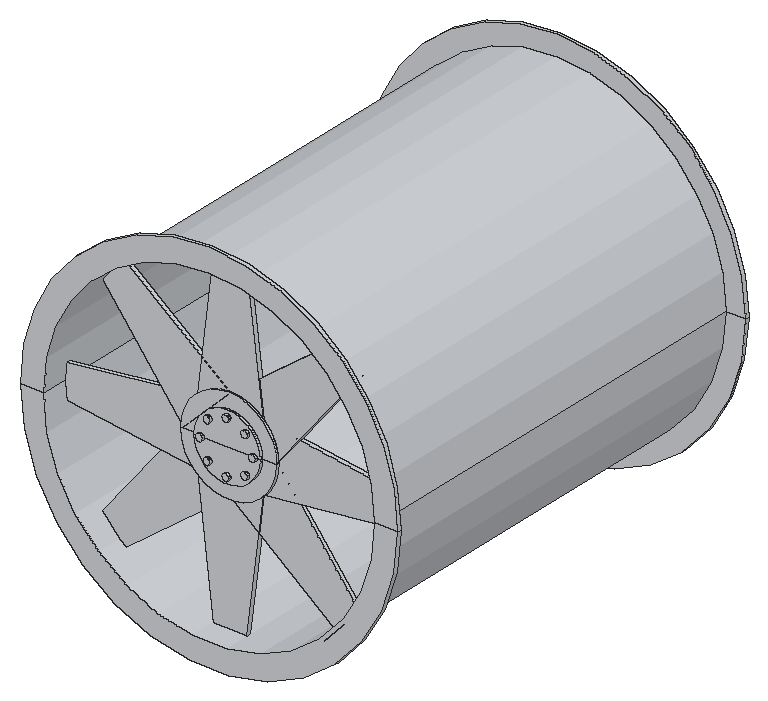
Revit family "CADS_Vent-Axia_MechEquip_Fan_BIFA_500_3Ph4P - EXTRACT", category Mechanical Equipment, Revit 2020
Family settings
  Round Connector Dimension = Use Diameter
  Part Type = Normal
  OmniClass Number = 23.75.00.00
  OmniClass Title = Climate Control (HVAC)
  Work Plane-Based = No
  Always vertical = Yes
  Cut with Voids When Loaded = No
  Shared = No
  Room Calculation Point = No
Parameters (values of type "BIFA503440")
  WorkingPressure = 0.0 Pa
  WarrantyStartDate [instance] = "1900-12-31T23:59:59"
  WarrantyPeriod = ""
  WarrantyIdentifier = "N/A"
  WarrantyGuarantorParts = "tech@vent-axia.com"
  WarrantyGuarantorLabor = "tech@vent-axia.com"
  WarrantyGuarantor = "Vent-Axia Limited"
  WarrantyEndDate [instance] = "1900-12-31T23:59:59"
  WarrantyContent = ""
  TemperatureRange = ""
  TagNumber [instance] = "N/A"
  SustainabilityPerformance = ""
  Status = "New"
  Size = ""
  Shape = ""
  ServiceLifeType = ""
  ServiceLifeDuration = ""
  SerialNumber [instance] = "N/A"
  ReplacementCost = ""
  RatedVoltage = 0 V
  RatedCurrent = 0 A
  Quantity = 1
  ProductionYear = ""
  PressureCurve = ""
  PowerFactor = ""
  PointOfContact = ""
  NumberOfPoles = 0
  NominalWidth = 500 mm
  NominalLength = 660 mm
  NominalHeight = 500 mm
  NominalFrequencyRange = ""
  NominalDiameter = 500 mm
  ModelReference = "BIF 500MM 3PH 4P 40DEG"
  ModelNumber = "BIFA503440"
  Material = ""
  ManufacturerE-Mail = "tech@vent-axia.com"
  ManufacturerAddress = "Fleming Way\nCrawley \nRH10 9YX"
  IsExtendedWarranty = no
  InsulationStandardClass = ""
  InstallationDate [instance] = "1900-12-31T23:59:59"
  IfcExportType [instance] = ""
  IfcExportAs = "IfcFanType"
  IP_Code = ""
  HasProtectiveEarth = no
  GrossWeight = 0.00 kg
  Grade = ""
  GlobalTradeItemNumber [instance] = "N/A"
  Fitting Type = "Ignore"
  Finish = ""
  Features = ""
  ExteriorInsulation = no
  ExpectedServiceLife = 0
  Exclusions = ""
  DurationUnit = "Year"
  Default Elevation = 0 mm
  Constituents = ""
  ConductorFunction = ""
  Color = ""
  CodePerformance = ""
  Category = ""
  CADS_Usage = 0
  CADS_Index = 0
  AssetType = "FIXED"
  AssetIdentifier [instance] = "N/A"
  AssemblyPlace = "UNKNOWN"
  ArticleNumber [instance] = "N/A"
  AirflowRateRange = 0.0 L/s
  Air Flow [instance] = 0.0 L/s
  AccessibilityPerformance = ""
Types (16, lengths in mm): name | ModelReference | ModelNumber
  BIFA503410 | "BIF 500MM 3PH 4P 10DEG" | "BIFA503410"
  BIFA503412 | "BIF 500MM 3PH 4P 12DEG" | "BIFA503412"
  BIFA503414 | "BIF 500MM 3PH 4P 14DEG" | "BIFA503414"
  BIFA503416 | "BIF 500MM 3PH 4P 16DEG" | "BIFA503416"
  BIFA503418 | "BIF 500MM 3PH 4P 18DEG" | "BIFA503418"
  BIFA503420 | "BIF 500MM 3PH 4P 20DEG" | "BIFA503420"
  BIFA503422 | "BIF 500MM 3PH 4P 22DEG" | "BIFA503422"
  BIFA503424 | "BIF 500MM 3PH 4P 24DEG" | "BIFA503424"
  BIFA503426 | "BIF 500MM 3PH 4P 26DEG" | "BIFA503426"
  BIFA503428 | "BIF 500MM 3PH 4P 28DEG" | "BIFA503428"
  BIFA503430 | "BIF 500MM 3PH 4P 30DEG" | "BIFA503430"
  BIFA503432 | "BIF 500MM 3PH 4P 32DEG" | "BIFA503432"
  BIFA503434 | "BIF 500MM 3PH 4P 34DEG" | "BIFA503434"
  BIFA503436 | "BIF 500MM 3PH 4P 36DEG" | "BIFA503436"
  BIFA503438 | "BIF 500MM 3PH 4P 38DEG" | "BIFA503438"
  BIFA503440 | "BIF 500MM 3PH 4P 40DEG" | "BIFA503440"
Reference planes
  plane 1 "Center (Front/Back)": y = 0
  plane 2: z = 0
  plane 3 "Center (Left/Right)": x = 0
  plane 4: x = -250
  plane 5: x = 250
  plane 6 "F": y = -330
  plane 7 "B": y = 330
  plane 8: x = -285
  plane 9: y = 325
  plane 10: y = -325
  plane 11: x = -255
  plane 12: y = -290
Forms (mm)
  Revolve 1, solid
    sketch origin (0, 0, 0) x (1, 0, 0) y (0, 1, 0)
      loop
        line (-285, -330) -> (-250, -330) -> (-250, 330) -> (-285, 330) -> (-285, 325) -> (-255, 325) -> (-255, -325) -> (-285, -325) -> (-285, -330)
      axis (0, 330) -> (0, -330)
    angle from 0 to 360
Dimensions and locks
  equal spacing: plane 4, plane 3 "Center (Left/Right)", plane 5
  equal spacing: plane 7 "B", plane 1 "Center (Front/Back)", plane 6 "F"
  "NominalLength": plane 7 "B" to plane 6 "F"
  "NominalDiameter": plane 4 to plane 5
  locked: plane 11 to plane 4 at 5
  locked: plane 8 to plane 11 at 30
  locked: plane 6 "F" to plane 10 at 5
  locked: plane 7 "B" to plane 9 at 5
  locked: plane 6 "F" to plane 12 at 40
  aligned and locked: level to plane 2
  aligned and locked: nested 1 to plane 12
Automatic sketch dimensions
  plane 6 "F" to Revolve 1 sketch curve = 0 mm
  Revolve 1 sketch curve to plane 8 = 0 mm  (x2)
  plane 10 to Revolve 1 sketch curve = 0 mm
  Revolve 1 sketch curve to plane 11 = 0 mm
  Revolve 1 sketch curve to plane 4 = 0 mm
  Revolve 1 sketch curve to plane 3 "Center (Left/Right)" = 0 mm
  plane 1 "Center (Front/Back)" to Revolve 1 sketch curve = 0 mm
  Revolve 1 sketch curve to plane 9 = 0 mm
  Revolve 1 sketch curve to plane 7 "B" = 0 mm
  plane 6 "F" to Revolve 1 sketch curve = 115 mm
Nested families
  nested 1: "Fan for BIFA" at (0, -290, 0), ND <- "NominalDiameter", type "Fan for BIFA"
    with hub 50 mm, ND 500 mm, BoltPCD 40 mm, Bolt Count 8, B_Diam 10 mm
  nested 2: "Bolts" at (0, -299.172, -40) x (-1, 0, 0) z (0, 1, 0), type "Bolts"
    with bd 10 mm
  nested 3: "Bolts" at (-28.284, -299.172, -28.284) x (-0.7071, 0, 0.7071) z (0, 1, 0), type "Bolts"
    with bd 10 mm
  nested 4: "Bolts" at (-40, -299.172, 0) x (0, 0, 1) z (0, 1, 0), type "Bolts"
    with bd 10 mm
  nested 5: "Bolts" at (-28.284, -299.172, 28.284) x (0.7071, 0, 0.7071) z (0, 1, 0), type "Bolts"
    with bd 10 mm
  nested 6: "Bolts" at (28.284, -299.172, 28.284) x (0.7071, 0, -0.7071) z (0, 1, 0), type "Bolts"
    with bd 10 mm
  nested 7: "Bolts" at (0, -299.172, 40) x (1, 0, 0) z (0, 1, 0), type "Bolts"
    with bd 10 mm
  nested 8: "BIFA Blade" at (0, -290, 0), type "BIFA Blade"
    with a 20.00°, HR 50 mm, HD 100 mm, BT 50 mm, BR 200 mm, BH 40 mm, BD 500 mm, BB 100 mm
  nested 9: "BIFA Blade" at (0, -290, 0) x (0.7071, 0, -0.7071) z (0.7071, 0, 0.7071), type "BIFA Blade"
    with a 20.00°, HR 50 mm, HD 100 mm, BT 50 mm, BR 200 mm, BH 40 mm, BD 500 mm, BB 100 mm
  nested 10: "BIFA Blade" at (0, -290, 0) x (0, 0, -1) z (1, 0, 0), type "BIFA Blade"
    with a 20.00°, HR 50 mm, HD 100 mm, BT 50 mm, BR 200 mm, BH 40 mm, BD 500 mm, BB 100 mm
  nested 11: "BIFA Blade" at (0, -290, 0) x (-0.7071, 0, -0.7071) z (0.7071, 0, -0.7071), type "BIFA Blade"
    with a 20.00°, HR 50 mm, HD 100 mm, BT 50 mm, BR 200 mm, BH 40 mm, BD 500 mm, BB 100 mm
  nested 12: "BIFA Blade" at (0, -290, 0) x (-1, 0, 0) z (0, 0, -1), type "BIFA Blade"
    with a 20.00°, HR 50 mm, HD 100 mm, BT 50 mm, BR 200 mm, BH 40 mm, BD 500 mm, BB 100 mm
  nested 13: "BIFA Blade" at (0, -290, 0) x (-0.7071, 0, -0.7071) z (-0.7071, 0, 0.7071), type "BIFA Blade"
    with a 20.00°, HR 50 mm, HD 100 mm, BT 50 mm, BR 200 mm, BH 40 mm, BD 500 mm, BB 100 mm
  nested 14: "BIFA Blade" at (0, -290, 0) x (0, 0, -1) z (-1, 0, 0), type "BIFA Blade"
    with a 20.00°, HR 50 mm, HD 100 mm, BT 50 mm, BR 200 mm, BH 40 mm, BD 500 mm, BB 100 mm
  nested 15: "BIFA Blade" at (0, -290, 0) x (0.7071, 0, -0.7071) z (-0.7071, 0, -0.7071), type "BIFA Blade"
    with a 20.00°, HR 50 mm, HD 100 mm, BT 50 mm, BR 200 mm, BH 40 mm, BD 500 mm, BB 100 mm
  nested 16: "Bolts" at (40, -299.172, 0) x (0, 0, -1) z (0, 1, 0), type "Bolts"
    with bd 10 mm
  nested 17: "Bolts" at (28.284, -299.172, -28.284) x (-0.7071, 0, -0.7071) z (0, 1, 0), type "Bolts"
    with bd 10 mm
Connectors
  hvac at (0, -330, 0), driven by "NominalDiameter", driven by "Air Flow"
    settings: on Revolve 1, index 1, duct flow 0.0 L/s, flow factor 0, pres drop 0.0 Pa, loss coef 0, conn angle 0.00°, conn width 304.8 mm, conn height 304.8 mm, conn diameter 500 mm, duct sys type 2, conn prof type 0, flow config 0, flow direction 1, loss method 0, conn ref index -1, conn util no, is conn primary yes, conn desc ""
  hvac at (0, 330, 0), driven by "NominalDiameter", driven by "Air Flow"
    settings: on Revolve 1, index 2, duct flow 0.0 L/s, flow factor 0, pres drop 0.0 Pa, loss coef 0, conn angle 0.00°, conn width 304.8 mm, conn height 304.8 mm, conn diameter 500 mm, duct sys type 3, conn prof type 0, flow config 1, flow direction 2, loss method 0, conn ref index -1, conn util no, is conn primary no, conn desc ""
Definition of nested family "Fan for BIFA"
  Parameters (values of type "Fan for BIFA")
    hub [instance] = ND / 10  # 50 mm
    ND [instance] = 500 mm
    Model = "."
    Default Elevation = 0 mm
    BoltPCD [instance] = hub - (hub * 0.2)  # 40 mm
    Bolt Count [instance] = if(hub < 50 mm, 6, 8)  # 8
    B_Diam [instance] = if(hub < 50 mm, 5 mm, 10 mm)  # 10 mm
  Reference planes
    plane 1 "Center (Front/Back)": y = 0
    plane 2: z = 0
    plane 3 "Center (Left/Right)": x = 0
    plane 4 "back": y = 20
    plane 5 "bolts": y = -9.172
    plane 6 "B": z = 50
    plane 7: x = -72.587
    plane 8: x = -50
    plane 9 "hubface": y = -6.172
  Forms (mm)
    Revolve 1, solid
      sketch origin (0, 0, 0) x (1, 0, 0) y (0, 1, 0)
        loop
          line (0, 20) -> (-50, 20) -> (-50, 10.504) -> (-72.587, 10.504) -> (-72.587, -2.597) -> (-50, -2.597) -> (-50, -6.172) -> (0, -6.172) -> (0, 20)
        axis (0, 20) -> (0, -6.172)
      angle from 0 to 360
    Extrusion 2, solid, not visible
      sketch origin (0, -6.347, -4) x (-1, 0, 0) y (0, 0, 1)
        loop
          circle (0, 84) r 5
      from 0 to 3
  Lines and regions (mm)
    symbolic lines
      curve 1: circle (0, -9.172, 0) r 40 normal (0, 1, 0)
    model lines, not visible
      curve 2: line (0, -6.347, 85) -> (0, -6.347, 75)
  Dimensions and locks
    "hub": plane 6 "B" to plane 2
    "hub": nested 3 to plane 3 "Center (Left/Right)"
    "hub": nested 4 to plane 3 "Center (Left/Right)"
    "hub": nested 5 to plane 3 "Center (Left/Right)"
    "hub": plane 3 "Center (Left/Right)" to nested 6
    "hub": Revolve 1 sketch curve to Revolve 1 sketch curve
    "hub": plane 3 "Center (Left/Right)" to nested 7
    "hub": plane 3 "Center (Left/Right)" to nested 8
    "hub": plane 3 "Center (Left/Right)" to nested 9
    "hub": plane 8 to plane 3 "Center (Left/Right)"
    plane 7 to plane 8 = 22.587 mm
    diameter of Extrusion 2 sketch curve = 10 mm
    "BoltPCD": radius of curve 1
    "BoltPCD": radius of radial array
    aligned and locked: level to plane 2
    aligned and locked: plane 6 "B" to nested 1
  Automatic sketch dimensions
    Revolve 1 sketch curve to plane 7 = 0 mm
    Revolve 1 sketch curve to plane 8 = 0 mm  (x2)
    Revolve 1 sketch curve to plane 3 "Center (Left/Right)" = 0 mm
    Revolve 1 sketch curve to plane 9 "hubface" = 0 mm
    plane 4 "back" to Revolve 1 sketch curve = 0 mm
    plane 1 "Center (Front/Back)" to Revolve 1 sketch curve = 2.597 mm
    plane 4 "back" to Revolve 1 sketch curve = 9.496 mm
    plane 4 "back" to Revolve 1 sketch curve = 5 mm
    Revolve 1 sketch curve to Revolve 1 sketch curve = 45 mm
    curve 1 to level = 0 mm
    curve 1 to plane 3 "Center (Left/Right)" = 0 mm
  Nested families
    nested 1: "BIFA Blade" at (0, 0, 25), BD <- "ND", HD <- "hub", type "BIFA Blade"
      with a 20.00°, HR 25 mm, HD 50 mm, BT 25 mm, BR 100 mm, BH 40 mm, BD 250 mm, BB 50 mm
    nested 2: "BIFA Blade" at (0, 0, 55), BD <- "ND", HD <- "hub", type "BIFA Blade", not visible
      with a 20.00°, HR 25 mm, HD 50 mm, BT 25 mm, BR 100 mm, BH 40 mm, BD 250 mm, BB 50 mm
    nested 3: "BIFA Blade" at (17.678, 0, 17.678) x (0.7071, 0, -0.7071) z (0.7071, 0, 0.7071), BD <- "ND", HD <- "hub", type "BIFA Blade"
      with a 20.00°, HR 25 mm, HD 50 mm, BT 25 mm, BR 100 mm, BH 40 mm, BD 250 mm, BB 50 mm
    nested 4: "BIFA Blade" at (25, 0, 0) x (0, 0, -1) z (1, 0, 0), BD <- "ND", HD <- "hub", type "BIFA Blade"
      with a 20.00°, HR 25 mm, HD 50 mm, BT 25 mm, BR 100 mm, BH 40 mm, BD 250 mm, BB 50 mm
    nested 5: "BIFA Blade" at (17.678, 0, -17.678) x (-0.7071, 0, -0.7071) z (0.7071, 0, -0.7071), BD <- "ND", HD <- "hub", type "BIFA Blade"
      with a 20.00°, HR 25 mm, HD 50 mm, BT 25 mm, BR 100 mm, BH 40 mm, BD 250 mm, BB 50 mm
    nested 6: "BIFA Blade" at (0, 0, -25) x (-1, 0, 0) z (0, 0, -1), BD <- "ND", HD <- "hub", type "BIFA Blade"
      with a 20.00°, HR 25 mm, HD 50 mm, BT 25 mm, BR 100 mm, BH 40 mm, BD 250 mm, BB 50 mm
    nested 7: "BIFA Blade" at (-17.678, 0, 17.678) x (-0.7071, 0, -0.7071) z (-0.7071, 0, 0.7071), BD <- "ND", HD <- "hub", type "BIFA Blade"
      with a 20.00°, HR 25 mm, HD 50 mm, BT 25 mm, BR 100 mm, BH 40 mm, BD 250 mm, BB 50 mm
    nested 8: "BIFA Blade" at (-25, 0, 0) x (0, 0, -1) z (-1, 0, 0), BD <- "ND", HD <- "hub", type "BIFA Blade"
      with a 20.00°, HR 25 mm, HD 50 mm, BT 25 mm, BR 100 mm, BH 40 mm, BD 250 mm, BB 50 mm
    nested 9: "BIFA Blade" at (-17.678, 0, -17.678) x (0.7071, 0, -0.7071) z (-0.7071, 0, -0.7071), BD <- "ND", HD <- "hub", type "BIFA Blade"
      with a 20.00°, HR 25 mm, HD 50 mm, BT 25 mm, BR 100 mm, BH 40 mm, BD 250 mm, BB 50 mm
    nested 10: "Bolts" at (0, -9.172, 40) x (1, 0, 0) z (0, 1, 0), bd <- "B_Diam", type "Bolts"
      with bd 10 mm
    nested 11: "Bolts" at (28.284, -9.172, 28.284) x (0.7071, 0, -0.7071) z (0, 1, 0), bd <- "B_Diam", type "Bolts"
      with bd 10 mm
    nested 12: "Bolts" at (-28.284, -9.172, 28.284) x (0.7071, 0, 0.7071) z (0, 1, 0), bd <- "B_Diam", type "Bolts"
      with bd 10 mm
    nested 13: "Bolts" at (-40, -9.172, 0) x (0, 0, 1) z (0, 1, 0), bd <- "B_Diam", type "Bolts"
      with bd 10 mm
    nested 14: "Bolts" at (-28.284, -9.172, -28.284) x (-0.7071, 0, 0.7071) z (0, 1, 0), bd <- "B_Diam", type "Bolts"
      with bd 10 mm
    nested 15: "Bolts" at (0, -9.172, -40) x (-1, 0, 0) z (0, 1, 0), bd <- "B_Diam", type "Bolts"
      with bd 10 mm
    nested 16: "Bolts" at (28.284, -9.172, -28.284) x (-0.7071, 0, -0.7071) z (0, 1, 0), bd <- "B_Diam", type "Bolts"
      with bd 10 mm
    nested 17: "Bolts" at (40, -9.172, 0) x (0, 0, -1) z (0, 1, 0), bd <- "B_Diam", type "Bolts"
      with bd 10 mm
  Definition of nested family "BIFA Blade"
    Parameters (values of type "BIFA Blade")
      a [instance] = 20.00°
      HR [instance] = HD / 2  # 30 mm
      HD [instance] = BD / 5  # 60 mm
      Default Elevation = 1219.2 mm
      BT [instance] = BD / 10  # 30 mm
      BR [instance] = (BD / 2) - HR  # 120 mm
      BH [instance] = 40 mm
      BD [instance] = 300 mm
      BB [instance] = BD / 5  # 60 mm
    Reference planes
      plane 1 "Center (Front/Back)": y = 0
      plane 2: z = 0
      plane 3 "Center (Left/Right)": x = 0
      plane 4 "Blade Bot": z = 30
      plane 5: x = -30
      plane 6: x = 30
      plane 7: x = -15
      plane 8: x = 15
    Forms (mm)
      Blend 1, solid
        base sketch origin (0, 0, 30) x (-1, 0, 0) y (0, -1, 0)
          loop
            line (30, 0) -> (-30, 0) -> (-30, -6) -> (30, -6) -> (30, 0)
        top sketch origin (0, 0, 30) x (-1, 0, 0) y (0, -1, 0)
          loop
            line (15, -6) -> (15, 0) -> (-15, 0) -> (-15, -6) -> (15, -6)
        from 0 to 120 <- "BR"
    Dimensions and locks
      "HR": plane 4 "Blade Bot" to level
      equal spacing: plane 8, plane 3 "Center (Left/Right)", plane 7
      "BT": plane 8 to plane 7
      equal spacing: plane 6, plane 3 "Center (Left/Right)", plane 5
      "BB": plane 6 to plane 5
      aligned and locked: level to plane 2
    Automatic sketch dimensions
      plane 1 "Center (Front/Back)" to Blend 1 sketch curve = 0 mm  (x2)
      Blend 1 sketch curve to plane 6 = 0 mm
      Blend 1 sketch curve to plane 5 = 0 mm
      Blend 1 sketch curve to plane 1 "Center (Front/Back)" = 6 mm  (x2)
      Blend 1 sketch curve to plane 8 = 0 mm
      Blend 1 sketch curve to plane 7 = 0 mm
  Definition of nested family "Bolts"
    Parameters
      bd [instance] = 10 mm
      Default Elevation = 1219.2 mm
    Reference planes
      plane 1 "Center (Front/Back)": y = 0
      plane 2: z = 0
      plane 3 "Center (Left/Right)": x = 0
    Forms (mm)
      Extrusion 1, solid
        sketch origin (0, 0, 0) x (1, 0, 0) y (0, 1, 0)
          loop
            line (-1219.2, 1219.2) -> (-1219.2, -1219.2) -> (1219.2, -1219.2) -> (1219.2, 1219.2) -> (-1219.2, 1219.2)
        from 0 to -304.8
      Extrusion 2, solid
        sketch origin (0, 0, 0) x (1, 0, 0) y (0, 1, 0)
          loop
            circle (0, 0) r 5
        from 0 to 3
    Dimensions and locks
      "bd": diameter of Extrusion 2 sketch curve
      aligned and locked: plane 2 to Extrusion 1
      aligned and locked: level to Extrusion 1
    Automatic sketch dimensions
      Extrusion 1 sketch curve to Extrusion 1 sketch curve = 2438.4 mm  (x2)
      plane 1 "Center (Front/Back)" to Extrusion 2 sketch curve = 0 mm
      Extrusion 2 sketch curve to plane 3 "Center (Left/Right)" = 0 mm
Definition of nested family "Bolts"
  Parameters
    bd [instance] = 10 mm
    Default Elevation = 1219.2 mm
  Reference planes
    plane 1 "Center (Front/Back)": y = 0
    plane 2: z = 0
    plane 3 "Center (Left/Right)": x = 0
  Forms (mm)
    Extrusion 1, solid
      sketch origin (0, 0, 0) x (1, 0, 0) y (0, 1, 0)
        loop
          line (-1219.2, 1219.2) -> (-1219.2, -1219.2) -> (1219.2, -1219.2) -> (1219.2, 1219.2) -> (-1219.2, 1219.2)
      from 0 to -304.8
    Extrusion 2, solid
      sketch origin (0, 0, 0) x (1, 0, 0) y (0, 1, 0)
        loop
          circle (0, 0) r 5
      from 0 to 3
  Dimensions and locks
    "bd": diameter of Extrusion 2 sketch curve
    aligned and locked: plane 2 to Extrusion 1
    aligned and locked: level to Extrusion 1
  Automatic sketch dimensions
    Extrusion 1 sketch curve to Extrusion 1 sketch curve = 2438.4 mm  (x2)
    plane 1 "Center (Front/Back)" to Extrusion 2 sketch curve = 0 mm
    Extrusion 2 sketch curve to plane 3 "Center (Left/Right)" = 0 mm
Definition of nested family "BIFA Blade"
  Parameters (values of type "BIFA Blade")
    a [instance] = 20.00°
    HR [instance] = HD / 2  # 30 mm
    HD [instance] = BD / 5  # 60 mm
    Default Elevation = 1219.2 mm
    BT [instance] = BD / 10  # 30 mm
    BR [instance] = (BD / 2) - HR  # 120 mm
    BH [instance] = 40 mm
    BD [instance] = 300 mm
    BB [instance] = BD / 5  # 60 mm
  Reference planes
    plane 1 "Center (Front/Back)": y = 0
    plane 2: z = 0
    plane 3 "Center (Left/Right)": x = 0
    plane 4 "Blade Bot": z = 30
    plane 5: x = -30
    plane 6: x = 30
    plane 7: x = -15
    plane 8: x = 15
  Forms (mm)
    Blend 1, solid
      base sketch origin (0, 0, 30) x (-1, 0, 0) y (0, -1, 0)
        loop
          line (30, 0) -> (-30, 0) -> (-30, -6) -> (30, -6) -> (30, 0)
      top sketch origin (0, 0, 30) x (-1, 0, 0) y (0, -1, 0)
        loop
          line (15, -6) -> (15, 0) -> (-15, 0) -> (-15, -6) -> (15, -6)
      from 0 to 120 <- "BR"
  Dimensions and locks
    "HR": plane 4 "Blade Bot" to level
    equal spacing: plane 8, plane 3 "Center (Left/Right)", plane 7
    "BT": plane 8 to plane 7
    equal spacing: plane 6, plane 3 "Center (Left/Right)", plane 5
    "BB": plane 6 to plane 5
    aligned and locked: level to plane 2
  Automatic sketch dimensions
    plane 1 "Center (Front/Back)" to Blend 1 sketch curve = 0 mm  (x2)
    Blend 1 sketch curve to plane 6 = 0 mm
    Blend 1 sketch curve to plane 5 = 0 mm
    Blend 1 sketch curve to plane 1 "Center (Front/Back)" = 6 mm  (x2)
    Blend 1 sketch curve to plane 8 = 0 mm
    Blend 1 sketch curve to plane 7 = 0 mm
